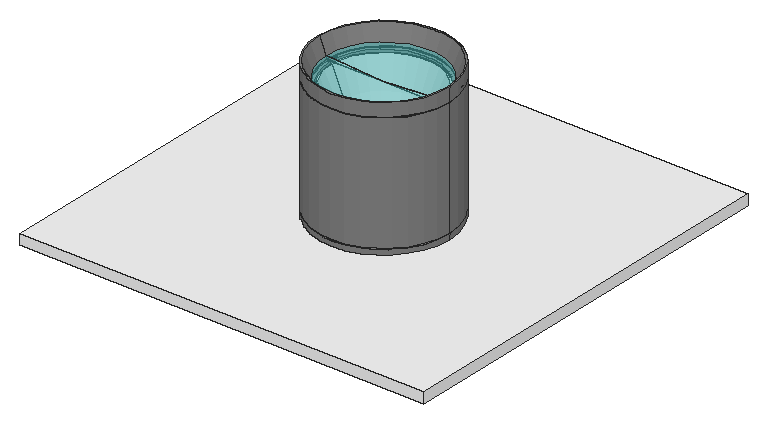
Revit family "BE_24411_de_DE", category Leuchten, Revit 2020
Family settings
  Basisbauteil = Fläche
  Bemaßung runder Anschluss = Durchmesser verwenden
  Teiletyp = Normal
  Beim Laden mit Abzugskörper schneiden = Ja
  Lichtquelle = Ja
  Gemeinsam genutzt = Nein
  Raumberechnungspunkt = Ja
Parameters (values of type "BEGA_24411_Grafit_K3")
  built-in parameter 1150104 = 12.356 (stored number, unit not read)
  Wattage = 16.8 W
  Default Elevation = 0 mm
  built-in parameter 1150113 = 1 (stored number, unit not read)
  built-in parameter 1114218 = 1 (stored number, unit not read)
  Umgebungstemperatur = "25 °C"
  URL = "https://www.bega.com/de/produkt/24411"
  Typenkommentare = "© 2022 BEGA. Wir behalten uns das Recht vor, technische Änderungen ohne vorherige Ankündigung vorzunehmen."  # constant formula
  Type Image = 24411.png
  built-in parameter 1150134 = (empty or 0)
  built-in parameter 1150109 = 1 (stored number, unit not read)
  Strom = "0,5 A"
  built-in parameter 1150110 = 1 (stored number, unit not read)
  Spannung = 239.996 V
  Sonderanfertigung = no
  Seriennummer [instance] = "Hier können Sie die eindeutige Seriennummer für das Facility Management eintragen."
  Schutzklasse = "I"
  Schutzart = "IP 65"
  Scheinlast = 0 VA
  Produktdatenblatt = "https://cdn.bega.com/bega/products/24411K3/current/documents/data-sheets/de"
  Oberflächentemperatur = ""
  Neigungswinkel = 0.00°
  Modell = "24411K3"
  Material_17 = BEGA_Reflektor
  Material_15 = BEGA_Leuchtmedium_matt
  Material_11 = BEGA_Glas_opal
  Material_09 = BEGA_Glas_klar
  Material_06 = BEGA_Oberfläche_Edelstahl_gebürstet
  Material_03 = BEGA_Oberfläche_Weiss_matt
  Material_02 = BEGA_Oberfläche_Silber_matt
  Material_01 [instance] = BEGA_Oberfläche_Grafit_matt
  M_W = no
  M_G = yes
  M_A = no
  Logo = 0
  built-in parameter 1114217 = 1 (stored number, unit not read)
  built-in parameter 1150139 = (empty or 0)
  built-in parameter 1150105 = 1863.9 (stored number, unit not read)
  built-in parameter 1150114 = 1 (stored number, unit not read)
  Lumens = 2234.4 lm
  built-in parameter 1150115 = 1 (stored number, unit not read)
  Leuchtenlichtstrom = "2233 lm"
  Leuchtenanzahl = ""
  Lebensdauerkriterien = "L70B50 @ 25 °C = 180000 h"
  Lastklassifizierung = Beleuchtung
  built-in parameter 1150112 = 1 (stored number, unit not read)
  Lampenlichtstrom = "2850 lm"
  Lampe = "LED 16.8 W"
  LED_Modulbezeichnung = "LED-0800/830"
  Hersteller = "BEGA"  # constant formula
  Halbstreuwinkel = ""
  Gewicht = "1.35 kg"
  Gebrauchslageneinschränkung [instance] = ""
  Frequenz = "0/50-60 Hz"
  Farbwiedergabeindex = "CRI > 80"
  Farbtemperaturverschiebung bei Dämpfen der Lampe = <Keine Auswahl>
  Farbtemperatur = "3000 K"
  Color Filter = 16777215
  built-in parameter 1150133 = 10 (stored number, unit not read)
  Energieeffizienzklasse = "LED A++ - A"
  built-in parameter 1150137 = (empty or 0)
  built-in parameter 1150132 = (empty or 0)
  ENEC = "ja"
  Dimmbar [instance] = "DALI"
  Datei für fotometrisches Netz = "BE_24411K3.IES"
  CE_Konformität = "ja"
  Bestellnummer = "24411K3"
  Beschreibung_Sonderanfertigung = "Hier können Sie Informationen zur Sonderanfertigung eintragen."
  Beschreibung = "Deckenaufbau-Tiefstrahler"
  built-in parameter 1150106 = 18.639 (stored number, unit not read)
  Befestigungsbohrung = "Ø 4,3 mm"
  Befestigungsabstand = "106 mm"
  Ballwurfsicher = ""
  BEGA_Intern_aus = yes
  BEGA_Intern_an = yes
  BEGA_Intern_Konstruktion = yes
  BEGA_Intern = yes
  BEGA_IES = yes
  BEGA_Dummy = no
  Anschlussleitung = ""
  Anschlussleistung [instance] = "19.3 W"
  Anschlusskasten = ""
  built-in parameter 1150107 = 3000 (stored number, unit not read)
  built-in parameter 1150102 = (empty or 0)
  built-in parameter 1150138 = (empty or 0)
  Aktualisierung = "2022-05-18T04:00:07"
  Abstand_zur_angestrahlten_Fläche [instance] = ""
  AC/DC = "AC/DC"
Types (4, lengths in mm): name | built-in parameter 1150104 | built-in parameter 1150134 | Modell | M_W | M_G | built-in parameter 1150105 | Lumens | Leuchtenlichtstrom | Lampenlichtstrom | LED_Modulbezeichnung | Farbtemperatur | Datei für fotometrisches Netz | Bestellnummer | built-in parameter 1150106 | built-in parameter 1150107
  BEGA_24411_Weiß_K3 | 12.356 (stored number, unit not read) | (empty or 0) | "24411WK3" | yes | no | 1863.9 (stored number, unit not read) | 2234.4 lm | "2233 lm" | "2850 lm" | "LED-0800/830" | "3000 K" | "BE_24411K3.IES" | "24411WK3" | 18.639 (stored number, unit not read) | 3000 (stored number, unit not read)
  BEGA_24411_Grafit_K4 | 12.635 (stored number, unit not read) | 12 | "24411K4" | no | yes | 1905.9 (stored number, unit not read) | 2284.8 lm | "2288 lm" | "2920 lm" | "LED-0800/840" | "4000 K" | "BE_24411K4.IES" | "24411K4" | 19.059 (stored number, unit not read) | 4000 (stored number, unit not read)
  BEGA_24411_Grafit_K3 | 12.356 (stored number, unit not read) | (empty or 0) | "24411K3" | no | yes | 1863.9 (stored number, unit not read) | 2234.4 lm | "2233 lm" | "2850 lm" | "LED-0800/830" | "3000 K" | "BE_24411K3.IES" | "24411K3" | 18.639 (stored number, unit not read) | 3000 (stored number, unit not read)
  BEGA_24411_Weiß_K4 | 12.635 (stored number, unit not read) | 12 | "24411WK4" | yes | no | 1905.9 (stored number, unit not read) | 2284.8 lm | "2288 lm" | "2920 lm" | "LED-0800/840" | "4000 K" | "BE_24411K4.IES" | "24411WK4" | 19.059 (stored number, unit not read) | 4000 (stored number, unit not read)
Reference planes
  plane 1 "Mitte (Vorne/Hinten)": y = 0
  plane 2: z = 0
  plane 3 "Mitte (Links/Rechts)": x = 0
  plane 4 "Links": x = -65
  plane 5 "Rechts": x = 65
  plane 6 "Unten": y = -65
  plane 7 "Oben": y = 65
  plane 8 "Vorne": z = 135.21
  plane 9 "Hinten": z = 0
Forms (mm)
  Extrusion 1, solid, material "BEGA_Platte_Weiss"
    sketch origin (0, -1119.2, 0) x (1, 0, 0) y (0, 1, 0)
      loop
        line (-200, 1319.2) -> (-200, 919.2) -> (200, 919.2) -> (200, 1319.2) -> (-200, 1319.2)
    from 0 to -10
  Extrusion 2, solid, material "BEGA_Dummy_matt", visible <- "BEGA_Dummy"
    sketch origin (77.149, -76.023, 0) x (1, 0, 0) y (0, 1, 0)
      loop
        circle (-77.149, 76.023) r 65
    from 0 to 135.21
Dimensions and locks
  plane 1 "Mitte (Vorne/Hinten)" to Extrusion 1 = 200 mm
  aligned and locked: plane 2 to Extrusion 1
  aligned and locked: level to Extrusion 1
Nested families
  nested 1: "BE_24411" at (0, 0, 0), type "BE_24411"
Connectors
  electrical at (0, 0, 0), driven by "Lastklassifizierung", driven by "Spannung", driven by "Scheinlast"
    settings: index 1, voltage 239.996 V, apparent load 0 VA, apparent load phase1 0 VA, apparent load phase2 0 VA, apparent load phase3 0 VA, power factor 1, load classification "Beleuchtung", number of poles 1, system type 31, power factor state 1, is connector primary yes, connector utility no, sub classification motor no, connector description ""
Definition of nested family "BE_24411"
  Parameters (values of type "BE_24411")
    Default Elevation = 1 mm
    URL = "http://www.bega.de/de/produkt"
    Type Comments = "© 2015 BEGA. Wir behalten uns das Recht vor, technische Änderungen ohne vorherige Ankündigung vorzunehmen. "  # constant formula
    Type Image = (empty or 0)
    Neigungswinkel_um_Z2 = 0.00°
    Neigungswinkel_um_Z1 = 0.00°
    Neigungswinkel_um_Y2 = 0.00°
    Neigungswinkel_um_Y1 = 0.00°
    Neigungswinkel_um_X2 = 0.00°
    Neigungswinkel_um_X1 = 0.00°
    Material_17 = none
    Material_15 = none
    Material_11 = none
    Material_09 = none
    Material_06 = none
    Material_03 = none
    Material_02 = none
    Material_01 = none
    M_W = yes
    M_G = yes
    M_A = yes
    Länge_Platte = 200 mm  # constant formula
    Höhe_Platte = -10 mm  # constant formula
    Manufacturer = "BEGA"  # constant formula
    Drehwinkel_um_Z2 = 0.00°
    Drehwinkel_um_Z1 = 0.00°
    Breite_Platte = 200 mm  # constant formula
  Reference planes
    plane 1 "Mitte (Oben/Unten)": y = 0
    plane 2: z = 0
    plane 3 "Mitte (Links/Rechts)": x = 0
    plane 4 "Hinten": z = -25
    plane 5 "Links": x = -65
    plane 6 "Oben": y = 65
    plane 7 "Unten": y = -65
    plane 8: z = 135.2
    plane 9: x = 65
  Forms (mm)
    Extrusion 1, solid, detail levels medium
      sketch origin (0, 0, 0) x (1, 0, 0) y (0, 1, 0)
        loop
          line (-100, 100) -> (-100, -100) -> (100, -100) -> (100, 100) -> (-100, 100)
      from 0 to -10 <- "Höhe_Platte"
    Revolve 2, solid, material <- "Material_01", visible <- "M_G"
      sketch origin (0, 0, 0) x (1, 0, 0) y (0, 0, 1)
        loop
          line (-65, 121.2) -> (-65, 6) -> (-64.092, 6) -> (-63, 9) -> (-62.1, 25) -> (-55, 25) -> (-54.11, 50.5) -> (0, 50.5) -> (0, 55.5) -> (-53.369, 55.5) -> (-54.966, 101.236)
          arc (-54.966, 101.236) -> (-55.271, 101.92) -> (-55.966, 102.2) r 1
          line (-55.966, 102.2) -> (-62.302, 102.2) -> (-62.845, 117.775) -> (-64.092, 121.2) -> (-65, 121.2)
        axis (0, 6) -> (0, 121.2)
      angle from 0 to 360
    Revolve 3, solid, material <- "Material_17"
      sketch origin (0, 0, 0) x (1, 0, 0) y (0, 0, 1)
        loop
          arc (-52.341, 113) -> (-40.494, 85.573) -> (-25.593, 59.678) r 261.2
          arc (-25.593, 59.678) -> (-25.072, 59.192) -> (-24.386, 59) r 1.5
          line (-24.386, 59) -> (-23, 59)
          arc (-23, 59) -> (-22.613, 59.184) -> (-22.51, 59.6) r 0.5
          arc (-22.51, 59.6) -> (-22.613, 60.016) -> (-23, 60.2) r 0.5
          line (-23, 60.2) -> (-24.484, 60.2)
          arc (-24.484, 60.2) -> (-39.558, 86.414) -> (-51.486, 114.2) r 259.987
          line (-51.486, 114.2) -> (-56.02, 114.198) -> (-56.5, 113) -> (-52.341, 113)
        axis (0, 59) -> (0, 114.2)
      angle from 0 to 360
    Revolve 4, solid, material <- "Material_09"
      sketch origin (0, 0, 0) x (1, 0, 0) y (0, 0, 1)
        loop
          line (0, 120.8) -> (-56, 120.8) -> (-56, 116.7) -> (0, 116.7) -> (0, 120.8)
        axis (0, 120.8) -> (0, 116.7)
      angle from 0 to 360
    Revolve 5, solid, material <- "Material_01", visible <- "M_G"
      sketch origin (0, 0, 0) x (1, 0, 0) y (0, 0, 1)
        loop
          line (-63.5, 135.2) -> (-65, 135.2) -> (-65, 122.217) -> (-62.884, 121.994) -> (-61, 118.468) -> (-62, 117.891) -> (-62, 109.35) -> (-60.078, 108.7) -> (-57.839, 108.7) -> (-57.704, 112.686) -> (-56.75, 114.2) -> (-53.087, 114.2) -> (-53.017, 116.2) -> (-56.465, 116.2) -> (-56.5, 117.2) -> (-63.5, 135.2)
        axis (0, 108.7) -> (0, 135.2)
      angle from 0 to 360
    Revolve 6, solid, material <- "Material_03", visible <- "M_W"
      sketch origin (0, 0, 0) x (1, 0, 0) y (0, 0, 1)
        loop
          line (-65, 121.2) -> (-65, 6) -> (-64.092, 6) -> (-63, 9) -> (-62.1, 25) -> (-55, 25) -> (-54.11, 50.5) -> (0, 50.5) -> (0, 55.5) -> (-53.369, 55.5) -> (-54.966, 101.236)
          arc (-54.966, 101.236) -> (-55.271, 101.92) -> (-55.966, 102.2) r 1
          line (-55.966, 102.2) -> (-62.302, 102.2) -> (-62.845, 117.775) -> (-64.092, 121.2) -> (-65, 121.2)
        axis (0, 6) -> (0, 121.2)
      angle from 0 to 360
    Revolve 7, solid, material <- "Material_03", visible <- "M_W"
      sketch origin (0, 0, 0) x (1, 0, 0) y (0, 0, 1)
        loop
          line (-63.5, 135.2) -> (-65, 135.2) -> (-65, 122.217) -> (-62.884, 121.994) -> (-61, 118.468) -> (-62, 117.891) -> (-62, 109.35) -> (-60.078, 108.7) -> (-57.839, 108.7) -> (-57.704, 112.686) -> (-56.75, 114.2) -> (-53.087, 114.2) -> (-53.017, 116.2) -> (-56.465, 116.2) -> (-56.5, 117.2) -> (-63.5, 135.2)
        axis (0, 108.7) -> (0, 135.2)
      angle from 0 to 360
    Revolve 8, solid, material <- "Material_15"
      sketch origin (0, 0, 0) x (1, 0, 0) y (0, 0, 1)
        loop
          line (0, 55.5) -> (0, 57.05) -> (-16, 57.05) -> (-16, 55.5) -> (0, 55.5)
        axis (0, 55.5) -> (0, 57.05)
      angle from 0 to 360
    Revolve 9, solid, material <- "Material_01", visible <- "M_G"
      sketch origin (0, 0, 0) x (1, 0, 0) y (0, 0, 1)
        loop
          line (0, 16.965) -> (-62, 16.965) -> (-62, 5.299) -> (-65, 4.983) -> (-65, 0) -> (-58.105, 0) -> (-57.651, 13) -> (0, 13) -> (0, 16.965)
        axis (0, 16.965) -> (0, 0)
      angle from 0 to 360
    Extrusion 10, solid, material <- "Material_01", visible <- "M_G"
      sketch origin (0, 0, 0) x (1, 0, 0) y (0, 1, 0)
        loop
          circle (-52.936, 0) r 6.124
        loop
          circle (-52.936, 0) r 2.126
        loop
          circle (52.936, 0) r 6.124
        loop
          circle (52.936, 0) r 2.126
      from 0 to 19.372
    Revolve 11, solid, material <- "Material_03", visible <- "M_W"
      sketch origin (0, 0, 0) x (1, 0, 0) y (0, 0, 1)
        loop
          line (0, 16.965) -> (-62, 16.965) -> (-62, 5.299) -> (-65, 4.983) -> (-65, 0) -> (-58.105, 0) -> (-57.651, 13) -> (0, 13) -> (0, 16.965)
        axis (0, 16.965) -> (0, 0)
      angle from 0 to 360
    Extrusion 12, solid, material <- "Material_03", visible <- "M_W"
      sketch origin (0, 0, 0) x (1, 0, 0) y (0, 1, 0)
        loop
          circle (-52.936, 0) r 6.124
        loop
          circle (-52.936, 0) r 2.126
        loop
          circle (52.936, 0) r 6.124
        loop
          circle (52.936, 0) r 2.126
      from 0 to 19.372
    Extrusion 13, void
      sketch origin (0, 0, 0) x (1, 0, 0) y (0, 1, 0)
        loop
          circle (-25, -37.5) r 7.197
        loop
          circle (-25, 37.5) r 7.197
      from 0 to 18.348
  Cuts and joins
    Extrusion 13 cuts Revolve 9
    Extrusion 13 cuts Extrusion 10
    joined: Revolve 9, Extrusion 10
    Extrusion 13 cuts Revolve 11
    Extrusion 13 cuts Extrusion 12
    joined: Revolve 11, Extrusion 12
    Extrusion 13 cuts Revolve 2
    Extrusion 13 cuts Revolve 3
    Extrusion 13 cuts Revolve 4
    Extrusion 13 cuts Revolve 6
  Dimensions and locks
    equal spacing: Extrusion 1 sketch curve, plane 3 "Mitte (Links/Rechts)", Extrusion 1 sketch curve
    equal spacing: Extrusion 1 sketch curve, plane 1 "Mitte (Oben/Unten)", Extrusion 1 sketch curve
    "Länge_Platte": Extrusion 1 sketch curve to Extrusion 1 sketch curve
    "Breite_Platte": Extrusion 1 sketch curve to Extrusion 1 sketch curve
    aligned and locked: plane 2 to Extrusion 1
    aligned and locked: level to Extrusion 1
  Automatic sketch dimensions
    Revolve 2 sketch curve to plane 3 "Mitte (Links/Rechts)" = 0 mm  (x2)
    Revolve 2 sketch curve to plane 3 "Mitte (Links/Rechts)" = 53.369 mm
    Revolve 2 sketch curve to Revolve 2 sketch curve = 0.74 mm
    Revolve 2 sketch curve to Revolve 2 sketch curve = 1.597 mm
    Revolve 2 sketch curve to Revolve 2 sketch curve = 0.89 mm
    Revolve 2 sketch curve to Revolve 2 sketch curve = 0.999 mm
    Revolve 2 sketch curve to Revolve 2 sketch curve = 7.1 mm
    Revolve 2 sketch curve to Revolve 2 sketch curve = 6.336 mm
    Revolve 2 sketch curve to Revolve 2 sketch curve = 0.544 mm
    level to Revolve 2 sketch curve = 9 mm
    Revolve 2 sketch curve to Revolve 2 sketch curve = 0.9 mm
    Revolve 2 sketch curve to Revolve 2 sketch curve = 1.246 mm
    level to Revolve 2 sketch curve = 6 mm
    Revolve 2 sketch curve to Revolve 2 sketch curve = 1.092 mm
    Revolve 2 sketch curve to Revolve 2 sketch curve = 0.908 mm
    Revolve 2 sketch curve to Revolve 2 sketch curve = 16 mm
    level to Revolve 2 sketch curve = 50.5 mm
    Revolve 2 sketch curve to Revolve 2 sketch curve = 5 mm
    Revolve 2 sketch curve to Revolve 2 sketch curve = 45.7 mm
    Revolve 2 sketch curve to Revolve 2 sketch curve = 0.036 mm
    Revolve 2 sketch curve to Revolve 2 sketch curve = 15.575 mm
    Revolve 2 sketch curve to Revolve 2 sketch curve = 3.425 mm
    Revolve 2 sketch curve to Revolve 2 sketch curve = 8.8 mm
    Revolve 2 sketch curve to Revolve 2 sketch curve = 31.2 mm
    Revolve 3 sketch curve to Revolve 3 sketch curve = 0 mm  (x5)
    Revolve 3 sketch curve to plane 3 "Mitte (Links/Rechts)" = 0 mm
    Revolve 3 sketch curve to plane 3 "Mitte (Links/Rechts)" = 23 mm
    Revolve 3 sketch curve to Revolve 3 sketch curve = 1.337 mm
    Revolve 3 sketch curve to Revolve 3 sketch curve = 1.386 mm
    Revolve 3 sketch curve to Revolve 3 sketch curve = 0.146 mm
    Revolve 3 sketch curve to plane 3 "Mitte (Links/Rechts)" = 51.486 mm
    Revolve 3 sketch curve to Revolve 3 sketch curve = 0.855 mm
    Revolve 3 sketch curve to Revolve 3 sketch curve = 3.68 mm
    Revolve 3 sketch curve to Revolve 3 sketch curve = 0.48 mm
    Revolve 3 sketch curve to Revolve 3 sketch curve = 0.002 mm
    Revolve 3 sketch curve to Revolve 3 sketch curve = 1.198 mm
    Revolve 3 sketch curve to Revolve 3 sketch curve = 0.299 mm
    Revolve 3 sketch curve to Revolve 3 sketch curve = 0.5 mm  (x2)
    Revolve 3 sketch curve to Revolve 3 sketch curve = 0.2 mm
    Revolve 3 sketch curve to Revolve 3 sketch curve = 25.304 mm
    Revolve 3 sketch curve to Revolve 3 sketch curve = 12.968 mm
    Revolve 4 sketch curve to plane 3 "Mitte (Links/Rechts)" = 0 mm  (x2)
    Revolve 4 sketch curve to Revolve 4 sketch curve = 56 mm
    Revolve 4 sketch curve to Revolve 4 sketch curve = 4.1 mm
    Revolve 4 sketch curve to Revolve 4 sketch curve = 6.161 mm
    Revolve 4 sketch curve to Revolve 4 sketch curve = 5 mm
    Revolve 5 sketch curve to plane 3 "Mitte (Links/Rechts)" = 0 mm
    Revolve 5 sketch curve to plane 3 "Mitte (Links/Rechts)" = 53.017 mm
    Revolve 5 sketch curve to Revolve 5 sketch curve = 0.07 mm
    Revolve 5 sketch curve to Revolve 5 sketch curve = 3.448 mm
    Revolve 5 sketch curve to Revolve 5 sketch curve = 0.035 mm
    Revolve 5 sketch curve to Revolve 5 sketch curve = 0.285 mm
    Revolve 5 sketch curve to Revolve 5 sketch curve = 0.954 mm
    Revolve 5 sketch curve to Revolve 5 sketch curve = 0.136 mm
    Revolve 5 sketch curve to Revolve 5 sketch curve = 2.239 mm
    Revolve 5 sketch curve to Revolve 5 sketch curve = 4.5 mm
    Revolve 5 sketch curve to Revolve 5 sketch curve = 1.922 mm
    Revolve 5 sketch curve to Revolve 5 sketch curve = 1.884 mm
    Revolve 5 sketch curve to Revolve 5 sketch curve = 0.616 mm
    Revolve 5 sketch curve to Revolve 5 sketch curve = 2.116 mm
    Revolve 5 sketch curve to Revolve 5 sketch curve = 0.65 mm
    Revolve 5 sketch curve to Revolve 5 sketch curve = 3.986 mm
    Revolve 5 sketch curve to Revolve 5 sketch curve = 1.514 mm
    Revolve 5 sketch curve to Revolve 5 sketch curve = 2 mm
    Revolve 5 sketch curve to Revolve 5 sketch curve = 1 mm
    Revolve 5 sketch curve to Revolve 5 sketch curve = 0.691 mm
    Revolve 5 sketch curve to Revolve 5 sketch curve = 0.577 mm
    Revolve 5 sketch curve to Revolve 5 sketch curve = 3.526 mm
    Revolve 5 sketch curve to Revolve 5 sketch curve = 0.222 mm
    Revolve 5 sketch curve to Revolve 5 sketch curve = 12.983 mm
    Revolve 5 sketch curve to Revolve 5 sketch curve = 15 mm
    Revolve 5 sketch curve to Revolve 5 sketch curve = 16.437 mm
    Revolve 6 sketch curve to plane 3 "Mitte (Links/Rechts)" = 0 mm  (x2)
    Revolve 6 sketch curve to plane 3 "Mitte (Links/Rechts)" = 53.369 mm
    Revolve 6 sketch curve to Revolve 6 sketch curve = 0.74 mm
    Revolve 6 sketch curve to Revolve 6 sketch curve = 1.597 mm
    Revolve 6 sketch curve to Revolve 6 sketch curve = 0.89 mm
    Revolve 6 sketch curve to Revolve 6 sketch curve = 0.999 mm
    Revolve 6 sketch curve to Revolve 6 sketch curve = 7.1 mm
    Revolve 6 sketch curve to Revolve 6 sketch curve = 6.336 mm
    Revolve 6 sketch curve to Revolve 6 sketch curve = 0.544 mm
    level to Revolve 6 sketch curve = 9 mm
    Revolve 6 sketch curve to Revolve 6 sketch curve = 0.9 mm
    Revolve 6 sketch curve to Revolve 6 sketch curve = 1.246 mm
    level to Revolve 6 sketch curve = 6 mm
    Revolve 6 sketch curve to Revolve 6 sketch curve = 1.092 mm
    Revolve 6 sketch curve to Revolve 6 sketch curve = 0.908 mm
    Revolve 6 sketch curve to Revolve 6 sketch curve = 16 mm
    level to Revolve 6 sketch curve = 50.5 mm
    Revolve 6 sketch curve to Revolve 6 sketch curve = 5 mm
    Revolve 6 sketch curve to Revolve 6 sketch curve = 45.7 mm
    Revolve 6 sketch curve to Revolve 6 sketch curve = 0.036 mm
    Revolve 6 sketch curve to Revolve 6 sketch curve = 15.575 mm
    Revolve 6 sketch curve to Revolve 6 sketch curve = 3.425 mm
    Revolve 6 sketch curve to Revolve 6 sketch curve = 8.8 mm
    Revolve 6 sketch curve to Revolve 6 sketch curve = 31.2 mm
    Revolve 7 sketch curve to plane 3 "Mitte (Links/Rechts)" = 0 mm
    Revolve 7 sketch curve to plane 3 "Mitte (Links/Rechts)" = 53.017 mm
    Revolve 7 sketch curve to Revolve 7 sketch curve = 0.07 mm
    Revolve 7 sketch curve to Revolve 7 sketch curve = 3.448 mm
    Revolve 7 sketch curve to Revolve 7 sketch curve = 0.035 mm
    Revolve 7 sketch curve to Revolve 7 sketch curve = 0.285 mm
    Revolve 7 sketch curve to Revolve 7 sketch curve = 0.954 mm
    Revolve 7 sketch curve to Revolve 7 sketch curve = 0.136 mm
    Revolve 7 sketch curve to Revolve 7 sketch curve = 2.239 mm
    Revolve 7 sketch curve to Revolve 7 sketch curve = 4.5 mm
    Revolve 7 sketch curve to Revolve 7 sketch curve = 1.922 mm
    Revolve 7 sketch curve to Revolve 7 sketch curve = 1.884 mm
    Revolve 7 sketch curve to Revolve 7 sketch curve = 0.616 mm
    Revolve 7 sketch curve to Revolve 7 sketch curve = 2.116 mm
    Revolve 7 sketch curve to Revolve 7 sketch curve = 0.65 mm
    Revolve 7 sketch curve to Revolve 7 sketch curve = 3.986 mm
    Revolve 7 sketch curve to Revolve 7 sketch curve = 1.514 mm
    Revolve 7 sketch curve to Revolve 7 sketch curve = 2 mm
    Revolve 7 sketch curve to Revolve 7 sketch curve = 1 mm
    Revolve 7 sketch curve to Revolve 7 sketch curve = 0.691 mm
    Revolve 7 sketch curve to Revolve 7 sketch curve = 0.577 mm
    Revolve 7 sketch curve to Revolve 7 sketch curve = 3.526 mm
    Revolve 7 sketch curve to Revolve 7 sketch curve = 0.222 mm
    Revolve 7 sketch curve to Revolve 7 sketch curve = 12.983 mm
    Revolve 7 sketch curve to Revolve 7 sketch curve = 15 mm
    Revolve 7 sketch curve to Revolve 7 sketch curve = 16.437 mm
    Revolve 8 sketch curve to plane 3 "Mitte (Links/Rechts)" = 0 mm  (x2)
    Revolve 8 sketch curve to Revolve 8 sketch curve = 16 mm
    level to Revolve 8 sketch curve = 55.5 mm
    Revolve 8 sketch curve to Revolve 8 sketch curve = 1.55 mm
    Revolve 8 sketch curve to Revolve 8 sketch curve = 1.95 mm
    Revolve 8 sketch curve to Revolve 8 sketch curve = 2.56 mm
    level to Revolve 3 sketch curve = 59 mm
    Revolve 3 sketch curve to Revolve 3 sketch curve = 52.501 mm
    level to Revolve 4 sketch curve = 116.7 mm
    level to Revolve 5 sketch curve = 108.7 mm
    level to Revolve 7 sketch curve = 108.7 mm
    plane 3 "Mitte (Links/Rechts)" to Revolve 3 sketch curve = 192.978 mm
    Revolve 9 sketch curve to level = 0 mm
    Revolve 9 sketch curve to plane 5 "Links" = 0 mm
    Revolve 9 sketch curve to plane 3 "Mitte (Links/Rechts)" = 0 mm  (x2)
    plane 5 "Links" to Revolve 9 sketch curve = 3 mm
    Revolve 9 sketch curve to Revolve 9 sketch curve = 3.895 mm
    Revolve 9 sketch curve to Revolve 9 sketch curve = 4.349 mm
    Revolve 9 sketch curve to Revolve 9 sketch curve = 4.983 mm
    Revolve 9 sketch curve to Revolve 9 sketch curve = 0.315 mm
    Revolve 9 sketch curve to Revolve 9 sketch curve = 7.701 mm
    Revolve 9 sketch curve to Revolve 9 sketch curve = 3.965 mm
    Revolve 9 sketch curve to Revolve 9 sketch curve = 7.075 mm
    Revolve 9 sketch curve to Revolve 9 sketch curve = 9.203 mm
    Extrusion 10 sketch curve to Extrusion 10 sketch curve = 0 mm  (x4)
    plane 1 "Mitte (Oben/Unten)" to Extrusion 10 sketch curve = 0 mm  (x2)
    plane 5 "Links" to Extrusion 10 sketch curve = 12.064 mm
    Extrusion 10 sketch curve to plane 9 = 12.064 mm
    Revolve 11 sketch curve to level = 0 mm
    Revolve 11 sketch curve to plane 5 "Links" = 0 mm
    Revolve 11 sketch curve to plane 3 "Mitte (Links/Rechts)" = 0 mm  (x2)
    plane 5 "Links" to Revolve 11 sketch curve = 3 mm
    Revolve 11 sketch curve to Revolve 11 sketch curve = 3.895 mm
    Revolve 11 sketch curve to Revolve 11 sketch curve = 4.349 mm
    Revolve 11 sketch curve to Revolve 11 sketch curve = 4.983 mm
    Revolve 11 sketch curve to Revolve 11 sketch curve = 0.315 mm
    Revolve 11 sketch curve to Revolve 11 sketch curve = 7.701 mm
    Revolve 11 sketch curve to Revolve 11 sketch curve = 3.965 mm
    Revolve 11 sketch curve to Revolve 11 sketch curve = 7.075 mm
    Revolve 11 sketch curve to Revolve 11 sketch curve = 9.203 mm
    Extrusion 12 sketch curve to Extrusion 12 sketch curve = 0 mm  (x4)
    plane 1 "Mitte (Oben/Unten)" to Extrusion 12 sketch curve = 0 mm  (x2)
    plane 5 "Links" to Extrusion 12 sketch curve = 12.064 mm
    Extrusion 12 sketch curve to plane 9 = 12.064 mm
    radius of Extrusion 10 sketch curve = 6.124 mm  (x2)
    radius of Extrusion 10 sketch curve = 2.126 mm  (x2)
    radius of Extrusion 12 sketch curve = 6.124 mm  (x2)
    radius of Extrusion 12 sketch curve = 2.126 mm  (x2)
